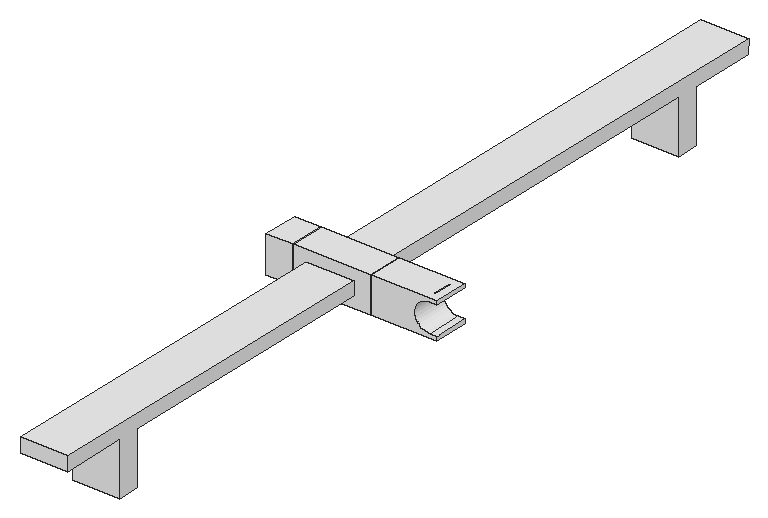
Revit family "Slide_Bar-American_Standard-Square-1660.230", category Specialty Equipment, host Face, Revit 2018
Family settings
  Host = Face
  Round Connector Dimension = Use Diameter
  Part Type = Normal
  OmniClass Number = 23.40.20.21
  OmniClass Title = Toilet and Bath Specialties
  Cut with Voids When Loaded = No
  Shared = Yes
  Room Calculation Point = No
Parameters (values of type "1660.230.002")
  Width = 2 1/8"  # constant formula
  Warranty Information URL = "https://www.americanstandard-us.com/parts-support/warranty/limited-warranty-general-product"
  URL = "https://www.americanstandard-us.com/"
  Type Comments = ""
  Revised Date = "03/26/2021"  # constant formula
  Product Page URL = "https://www.americanstandard-us.com/bathroom/shower-faucets/30-inch-square-slide-bar-23135"
  Product Documentation Link = "https://www.americanstandard-us.com/-/media/sites/asus/files/product-specs/bulk/specsheet1660230.pdf?la=en"
  Price = "Prices may vary. Please consult Manufacturer Representative for most up-to-date price list."  # constant formula
  Model = "1660.230.002"
  Material = "Brass-American Standard-002-Polished Chrome"
  Manufacturer = "American Standard"  # constant formula
  Length = 6"  # constant formula
  Installation Type = "Wall Mounted"  # constant formula
  Height = 30"  # constant formula
  Finish = Brass-American Standard-002-Polished Chrome
  Description = "Adjust this 30\" slide bar to hold a handshower at the height that's right for you. Available in four finishes."
  Default Elevation = 52"  # constant formula
  Creation Date = "01/22/2018"  # constant formula
  Assembly Code = "C1030200"
Types (5): name | Model | Material | Finish
  (no name) | "1660.230.002" | "Brass-American Standard-002-Polished Chrome" | Brass-American Standard-002-Polished Chrome
  1660.230.002 | "1660.230.002" | "Brass-American Standard-002-Polished Chrome" | Brass-American Standard-002-Polished Chrome
  1660.230.295 | "1660.230.295" | "Brass-American Standard-295-Brushed Nickel" | Brass-American Standard-295-Brushed Nickel
  1660.230.013 | "1660.230.013" | "Brass-American Standard-013-Polished Nickel" | Brass-American Standard-013-Polished Nickel
  1660.230.278 | "1660.230.278" | "Brass-American Standard-278-Legacy Bronze" | Brass-American Standard-278-Legacy Bronze
Reference planes (in)
  plane 1 "Center (Front/Back)": y = 0
  plane 2: z = 0
  plane 3 "Center (Left/Right)": x = 0
  plane 4: y = -15
  plane 5: y = 15
  plane 6: z = 2.125
  plane 7: y = -12.3125
  plane 8: y = 12.3125
  plane 9: z = 2.375
  plane 10: z = 1.875
  plane 11: x = 3.5
  plane 12: x = -2.25
  plane 13: x = 3.75
  plane 14: x = 0.83773
  plane 15: x = -0.83773
  plane 16: y = -52.0625
Forms (in)
  Extrusion 1, solid, material "Brass-American Standard-002-Polished Chrome" <- "Finish"
    sketch origin (0, 0, 0) x (0, 1, 0) y (0, 0, 1)
      loop
        line (15, 2.375) -> (-15, 2.375) -> (-15, 1.875) -> (15, 1.875) -> (15, 2.375)
    from -0.83773 to 0.83773
  Extrusion 2, solid, material "Brass-American Standard-002-Polished Chrome" <- "Finish"
    sketch origin (0, 0, 0) x (0, 1, 0) y (0, 0, 1)
      loop
        line (12.6875, 0) -> (12.6875, 1.875) -> (11.9375, 1.875) -> (11.9375, 0) -> (12.6875, 0)
      loop
        line (-11.9375, 0) -> (-11.9375, 1.875) -> (-12.6875, 1.875) -> (-12.6875, 0) -> (-11.9375, 0)
    from -0.83773 to 0.83773
  Extrusion 3, solid, material "Brass-American Standard-002-Polished Chrome" <- "Finish"
    sketch origin (0, 0, 0) x (0, 1, 0) y (0, 0, 1)
      loop
        line (-1.14012, 1.47968) -> (-1.14012, 2.75234) -> (-2.39012, 2.75234) -> (-2.39012, 1.47968) -> (-1.14012, 1.47968)
    from 1.41835 to 3.75
  Extrusion 4, void
    sketch origin (0, 0, 0) x (1, 0, 0) y (0, 0, 1)
      loop
        line (3.84887, 2.625) -> (3.5, 2.625)
        arc (3.5, 2.625) -> (3, 2.125) -> (3.5, 1.625) r 0.5
        line (3.5, 1.625) -> (3.84887, 1.625) -> (3.84887, 2.625)
    from 1.14012 to 2.39012
  Extrusion 5, solid, material "Brass-American Standard-002-Polished Chrome" <- "Finish"
    sketch origin (0, 0, 0) x (0, 1, 0) y (0, 0, 1)
      loop
        line (-1.14012, 2.75234) -> (-2.39012, 2.75234) -> (-2.39012, 1.47968) -> (-1.14012, 1.47968) -> (-1.14012, 2.75234)
    from -1.32686 to 1.41835
  Extrusion 6, solid, material "Brass-American Standard-002-Polished Chrome" <- "Finish"
    sketch origin (0, 0, 0) x (0, 1, 0) y (0, 0, 1)
      loop
        line (-1.14012, 2.75234) -> (-2.39012, 2.75234) -> (-2.39012, 1.47968) -> (-1.14012, 1.47968) -> (-1.14012, 2.75234)
    from -2.25 to -1.32686
Cuts and joins
  Extrusion 4 cuts Extrusion 3
  joined: Extrusion 1, Extrusion 2, Extrusion 5
Lines and regions (in)
  Masking region 1
    outline origin (0, 0, 0) x (1, 0, 0) y (0, 0, 1)
      loop
        line (3.75, 2.75234) -> (1.41835, 2.75234) -> (-2.25, 2.75234) -> (-2.25, 1.47968) -> (-0.83773, 1.47968) -> (-0.83773, 0) -> (0.83773, 0) -> (0.83773, 1.47968) -> (3.75, 1.47968) -> (3.75, 1.625) -> (3.5, 1.625)
        arc (3.5, 1.625) -> (3, 2.125) -> (3.5, 2.625) r 0.5
        line (3.5, 2.625) -> (3.75, 2.625) -> (3.75, 2.75234)
  symbolic lines, detail levels medium+fine
    curve 1: line (0.83773, 0, 1.47968) -> (0.83773, 0, 2.375)
    curve 2: line (0.83773, 0, 2.375) -> (-0.83773, 0, 2.375)
    curve 3: line (-0.83773, 0, 2.375) -> (-0.83773, 0, 1.47968)
    curve 4: line (0.83773, 0, 1.875) -> (-0.83773, 0, 1.875)
  symbolic lines, detail levels fine
    curve 5: line (1.41835, 0, 2.75234) -> (1.41835, 0, 1.47968)
    curve 6: line (-1.32686, 0, 1.47968) -> (-1.32686, 0, 2.75234)
Dimensions and locks (in)
  plane 8 to plane 7 = 24 5/8"
  "Length": plane 12 to plane 13
  plane 12 to plane 3 "Center (Left/Right)" = 2 1/4"
  plane 3 "Center (Left/Right)" to plane 11 = 3 1/2"
  "Height": plane 4 to plane 5
  plane 7 to plane 8 = 24 5/8"
  "Width": plane 2 to plane 6
  plane 10 to plane 9 = 1/2"
  equal spacing: plane 15, plane 3 "Center (Left/Right)", plane 14
  plane 15 to plane 14 = 1.67547"
  aligned and locked: plane 2 to host face
  aligned and locked: level to host face
Automatic sketch dimensions
  host sketch curve to host sketch curve = 96"  (x2)
  Extrusion 1 sketch curve to plane 4 = 0"
  Extrusion 1 sketch curve to plane 5 = 0"
  plane 10 to Extrusion 1 sketch curve = 0"
  plane 9 to Extrusion 1 sketch curve = 0"
  Extrusion 2 sketch curve to level = 0"  (x2)
  plane 10 to Extrusion 2 sketch curve = 0"  (x2)
  plane 7 to Extrusion 2 sketch curve = 3/8"
  Extrusion 2 sketch curve to plane 7 = 3/8"
  plane 8 to Extrusion 2 sketch curve = 3/8"
  Extrusion 2 sketch curve to plane 8 = 3/8"
  plane 10 to Extrusion 3 sketch curve = 0.39532"
  plane 1 "Center (Front/Back)" to Extrusion 3 sketch curve = 2.39012"
  Extrusion 3 sketch curve to plane 9 = 0.37734"
  plane 1 "Center (Front/Back)" to Extrusion 3 sketch curve = 1.14012"
  Extrusion 4 sketch curve to plane 11 = 0"
  Extrusion 4 sketch curve to plane 6 = 0"
  plane 13 to Extrusion 4 sketch curve = 0.09887"
  Extrusion 4 sketch curve to plane 9 = 1/4"
  Extrusion 5 sketch curve to plane 9 = 0.37734"
  plane 1 "Center (Front/Back)" to Extrusion 5 sketch curve = 2.39012"
  plane 1 "Center (Front/Back)" to Extrusion 5 sketch curve = 1.14012"
  plane 10 to Extrusion 5 sketch curve = 0.39532"
  Extrusion 6 sketch curve to plane 9 = 0.37734"
  plane 1 "Center (Front/Back)" to Extrusion 6 sketch curve = 2.39012"
  plane 1 "Center (Front/Back)" to Extrusion 6 sketch curve = 1.14012"
  plane 10 to Extrusion 6 sketch curve = 0.39532"
  Masking region 1 sketch curve to plane 12 = 0"
  plane 15 to Masking region 1 sketch curve = 0"
  Masking region 1 sketch curve to plane 6 = 0"
  Masking region 1 sketch curve to plane 11 = 0"
  Masking region 1 sketch curve to plane 13 = 0"  (x2)
  plane 14 to Masking region 1 sketch curve = 0.58061"
  plane 10 to Masking region 1 sketch curve = 0.39532"  (x2)
  Masking region 1 sketch curve to Masking region 1 sketch curve = 0.14532"
  Masking region 1 sketch curve to plane 9 = 0.37734"
  plane 14 to Masking region 1 sketch curve = 0"
  Masking region 1 sketch curve to level = 0"
  curve 2 to plane 9 = 0"
  plane 15 to curve 2 = 0"
  curve 4 to plane 10 = 0"
  curve 4 to plane 14 = 0"
  plane 15 to curve 6 = 0.48913"
  plane 14 to curve 5 = 0.58061"
  plane 10 to curve 1 = 0.39532"
  plane 10 to curve 3 = 0.39532"
  plane 10 to curve 5 = 0.39532"
  plane 10 to curve 6 = 0.39532"
  curve 6 to plane 9 = 0.37734"
  curve 5 to plane 9 = 0.37734"
